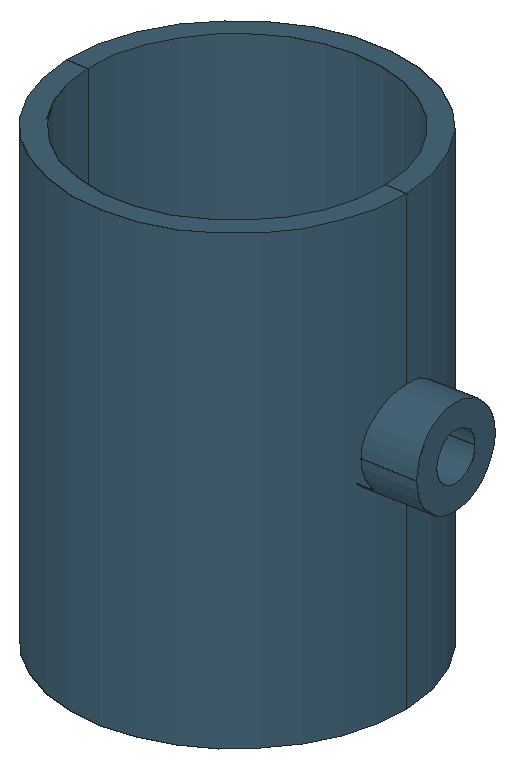
Revit family "Trap-Primer_Connection Adapter_Zurn_Z1023", category Plumbing Fixtures, Revit 2022
Family settings
  Round Connector Dimension = Use Radius
  Part Type = Normal
  OmniClass Number = 23.45.05.14
  OmniClass Title = Plumbing Fixtures - Sanitary Washing Units
  Work Plane-Based = No
  Always vertical = Yes
  Cut with Voids When Loaded = No
  Maintain Annotation Orientation = No
  Shared = No
  Room Calculation Point = No
Parameters (values of type "Z1023_3Inch_No-Hub x No-Hub")
  Waste Connection = 1 = 0  # no
  WFU = 0  # constant formula
  Vent Connection = 1 = 0  # no
  URL = "www.zurn.com"
  Product data url = "https://www.bimobject.com/en-in/zurnindustries/product/zurn-z1023"
  Product Page URL = "https://www.zurn.com/search?q=z1023"
  Product Documentation Link = "https://files.zurn.com/spec-sheets/z1023.pdf"
  Pipe Size_A Outer Diameter = 3.500"
  Pipe Size_A Nominal Diameter = 3.000"
  Pipe Size_A Inside Diameter = 3.068"
  Modified Date = "01/27/2026"  # constant formula
  Model = "Z1023"  # constant formula
  Manufacurer Brand = "Zurn"  # constant formula
  Manufacturer = "Zurn Water, LLC"  # constant formula
  Main Material = Iron - Zurn - Cast - Painted - Blue
  HWFU = 0  # constant formula
  HW Connection = 1 = 0  # no
  DIM_E = 2.500"
  Description = "TRAP PRIMER CONNECTION ADAPTER"  # constant formula
  Default Elevation = 20.000"  # constant formula
  Date Created = "01/27/2026"  # constant formula
  DIM_B = 0.500"
  Connector Radius_B = DIM_B / 2  # 0.250"
  Connector Radius = Pipe Size_A Nominal Diameter / 2  # 1.500"
  CWFU = 1  # constant formula
  CW Connection = 1 = 1  # yes
  Body Height = 4.750"
  Assembly Code = "D2020100"
  Approx. Weight (Lbs) = 4.000"
Types (7): name | Pipe Size_A Outer Diameter | Pipe Size_A Nominal Diameter | Pipe Size_A Inside Diameter | Connector Radius | Approx. Weight (Lbs)
  (no name) | 3.500" | 3.000" | 3.068" | 1.500" | 4.000"
  Z1023_2Inch_No-Hub x No-Hub | 2.375" | 2.000" | 2.067" | 1.000" | 2.000"
  Z1023_3Inch_No-Hub x No-Hub | 3.500" | 3.000" | 3.068" | 1.500" | 4.000"
  Z1023_4Inch_No-Hub x No-Hub | 4.500" | 4.000" | 4.026" | 2.000" | 6.000"
  Z1023_2Inch_Threaded x No-Hub | 2.375" | 2.000" | 2.067" | 1.000" | 2.000"
  Z1023_3Inch_Threaded x No-Hub | 3.500" | 3.000" | 3.068" | 1.500" | 4.000"
  Z1023_4Inch_Threaded x No-Hub | 4.500" | 4.000" | 4.026" | 2.000" | 6.000"
Reference planes (in)
  plane 1 "Center (Front/Back)": y = 0
  plane 2: z = 0
  plane 3 "Center (Left/Right)": x = 0
  plane 4: x = 1.75
  plane 5: x = -1.75
  plane 6: x = 1.534
  plane 7: x = -1.534
  plane 8 "Top of Adapter": z = 4.75
  plane 9: z = 2.5
  plane 10 "Right end plane": x = 2.25
  plane 11: x = -1.5
  plane 12: x = 1.5
  plane 13: y = 1.5
  plane 14: y = -1.5
  plane 15: y = -0.25
  plane 16: y = 0.25
  plane 17: z = 2.75
  plane 18: z = 2.25
  plane 19: z = 3
  plane 20: z = 2
  plane 21: y = -0.5
  plane 22: y = 0.5
Forms (in)
  Revolve 1, solid, material "Iron - Zurn - Cast - Painted - Blue" <- "Main Material", detail levels fine
    sketch origin (-0.52648, 0, -0.633) x (1, 0, 0) y (0, 0, 1)
      loop
        line (0.52648, 5.383) -> (0.52648, 0.633) -> (2.27648, 0.633) -> (2.27648, 5.383) -> (0.52648, 5.383)
      axis (0.52648, 5.383) -> (0.52648, 0.633)
    angle from 0 to 360
  Extrusion 2, solid, material "Iron - Zurn - Cast - Painted - Blue" <- "Main Material", detail levels coarse+fine
    sketch origin (0, 0.03434, -0.49214) x (0, 1, 0) y (0, 0, 1)
      loop
        circle (-0.03434, 2.99214) r 0.5
    from 0 to 2.25
  Extrusion 3, void
    sketch origin (0, 0, 0) x (0, 1, 0) y (0, 0, 1)
      loop
        circle (0, 2.5) r 0.25
    from 0 to 2.25
  Extrusion 4, void
    sketch origin (0, 0, 0) x (1, 0, 0) y (0, 1, 0)
      loop
        circle (0, 0) r 1.534
    from 0 to 4.75
Cuts and joins
  Extrusion 3, Extrusion 4 cuts Revolve 1
  Extrusion 3, Extrusion 4 cuts Extrusion 2
Lines and regions (in)
  Masking region 1, detail levels fine
    outline origin (0, 0, 0) x (1, 0, 0) y (0, 1, 0)
      loop
        arc (1.67705, 0.5) -> (-1.75, 0) -> (1.67705, -0.5) r 1.75
        line (1.67705, -0.5) -> (2.25, -0.5) -> (2.25, 0.5) -> (1.67705, 0.5)
  model lines, detail levels coarse+medium
    curve 1: line (0, 0, 4.75) -> (0, 0, 0)
    curve 2: line (-1.5, 0, 4.75) -> (1.5, 0, 4.75)
    curve 3: line (0, 1.5, 4.75) -> (0, -1.5, 4.75)
    curve 4: line (0, 1.5, 0) -> (0, -1.5, 0)
    curve 5: line (-1.5, 0, 0) -> (1.5, 0, 0)
    curve 6: line (0, 0, 2.5) -> (2.25, 0, 2.5)
    curve 7: line (2.25, 0, 2.75) -> (2.25, 0, 2.25)
    curve 8: line (2.25, -0.25, 2.5) -> (2.25, 0.25, 2.5)
Dimensions and locks (in)
  locked: plane 10 "Right end plane" to plane 4 at 0.5
  "Body Height": plane 8 "Top of Adapter" to level
  equal spacing: plane 4, plane 3 "Center (Left/Right)", plane 5
  "Pipe Size_A Outer Diameter": plane 4 to plane 5
  equal spacing: plane 6, plane 3 "Center (Left/Right)", plane 7
  "Pipe Size_A Inside Diameter": plane 6 to plane 7
  equal spacing: plane 12, plane 3 "Center (Left/Right)", plane 11
  "Pipe Size_A Nominal Diameter": plane 12 to plane 11
  "DIM_E": plane 9 to level
  equal spacing: plane 13, plane 1 "Center (Front/Back)", plane 14
  "Pipe Size_A Nominal Diameter": plane 13 to plane 14
  equal spacing: plane 15, plane 1 "Center (Front/Back)", plane 16
  "DIM_B": plane 15 to plane 16
  equal spacing: plane 17, plane 9, plane 18
  "DIM_B": plane 17 to plane 18
  equal spacing: plane 21, plane 1 "Center (Front/Back)", plane 22, locked at 0.5 each
  locked: plane 21 to plane 22 at 1
  "Pipe Size_A Inside Diameter": diameter of Extrusion 4 sketch curve
  "Pipe Size_A Outer Diameter": diameter of Masking region 1 sketch curve
  aligned and locked: plane 2 to level
  aligned and locked: Revolve 1 sketch curve to plane 4
  aligned and locked: Revolve 1 sketch curve to plane 3 "Center (Left/Right)"
  aligned and locked: Revolve 1 sketch curve to Revolve 1 sketch curve
  aligned and locked: plane 10 "Right end plane" to Extrusion 2
  aligned and locked: Extrusion 2 to plane 3 "Center (Left/Right)"
  aligned and locked: plane 9 to Extrusion 2 sketch curve
  aligned and locked: plane 1 "Center (Front/Back)" to Extrusion 2 sketch curve
  aligned and locked: Extrusion 3 to plane 3 "Center (Left/Right)"
  aligned and locked: plane 10 "Right end plane" to Extrusion 3
  aligned and locked: curve 1 to plane 3 "Center (Left/Right)"
  aligned and locked: plane 8 "Top of Adapter" to curve 1
  aligned and locked: level to curve 1
  aligned and locked: plane 11 to curve 2
  aligned and locked: plane 1 "Center (Front/Back)" to curve 2
  aligned and locked: plane 13 to curve 3
  aligned and locked: curve 3 to plane 3 "Center (Left/Right)"
  aligned and locked: plane 11 to curve 5
  aligned and locked: plane 1 "Center (Front/Back)" to curve 5
  aligned and locked: curve 4 to plane 3 "Center (Left/Right)"
  aligned and locked: plane 3 "Center (Left/Right)" to curve 6
  aligned and locked: plane 10 "Right end plane" to curve 6
  aligned and locked: curve 6 to plane 9
  aligned and locked: plane 1 "Center (Front/Back)" to curve 7
  aligned and locked: plane 16 to curve 8
  aligned and locked: curve 8 to plane 9
  aligned and locked: level to cut or joined group of Revolve 1, Extrusion 3, Extrusion 4  (x2)
  aligned and locked: plane 8 "Top of Adapter" to cut or joined group of Revolve 1, Extrusion 3, Extrusion 4  (x2)
  aligned and locked: plane 10 "Right end plane" to cut or joined group of Extrusion 2, Extrusion 3, Extrusion 4
  aligned and locked: Masking region 1 to plane 22
  aligned and locked: plane 21 to Masking region 1
  aligned and locked: plane 10 "Right end plane" to Masking region 1
  aligned and locked: plane 8 "Top of Adapter" to Extrusion 4
Automatic sketch dimensions
  Revolve 1 sketch curve to plane 9 = 2.500"
  Revolve 1 sketch curve to plane 8 "Top of Adapter" = 0.000"
  Revolve 1 sketch curve to level = 24.633"
  Revolve 1 sketch curve to Revolve 1 sketch curve = 94.23157"
  Extrusion 3 sketch curve to plane 1 "Center (Front/Back)" = 0.000"
  Extrusion 3 sketch curve to plane 9 = 0.000"
  plane 1 "Center (Front/Back)" to Extrusion 4 sketch curve = 0.000"
  Extrusion 4 sketch curve to plane 3 "Center (Left/Right)" = 0.000"
  curve 2 to plane 12 = 0.000"
  curve 3 to plane 14 = 0.000"
  curve 7 to plane 18 = 0.000"
  curve 7 to plane 17 = 0.000"
  curve 8 to plane 15 = 0.000"
  curve 5 to plane 12 = 0.000"
  curve 4 to plane 14 = 0.000"
  curve 4 to plane 13 = 0.000"
  plane 1 "Center (Front/Back)" to Masking region 1 sketch curve = 0.000"
  Masking region 1 sketch curve to plane 3 "Center (Left/Right)" = 0.000"
  plane 22 to Masking region 1 sketch curve = 0.000"
  plane 21 to Masking region 1 sketch curve = 0.000"
  Masking region 1 sketch curve to plane 10 "Right end plane" = 0.000"
  radius of Extrusion 2 sketch curve = 0.500"
  radius of Extrusion 3 sketch curve = 0.250"
Connectors (in)
  piping at (0, 0, 4.75), diameter 3, driven by "Connector Radius", driven by "CW Connection"
    settings: on cut or joined group of Revolve 1, Extrusion 3, Extrusion 4, index 1, connector inside diameter 24", connector length 0.000", flow factor 0, pipe flow 0 GPM, pressure drop 0.00 psi, fitting loss kfactor 0, connector angle 0.00°, fixture units 0, engagement length 0.000", angle of deflection 0.00°, flow configuration 0, flow direction 1, fitting loss method 0, system type 20, joint type 0, gender type 0, connector reference index -1, connector utility 1, adjustable connector no, is connector primary yes, connector description "Inlet Connection"
  piping at (0, 0, 0), diameter 3, driven by "Connector Radius", driven by "CW Connection"
    settings: on cut or joined group of Revolve 1, Extrusion 3, Extrusion 4, index 2, connector inside diameter 24", connector length 0.000", flow factor 0, pipe flow 0 GPM, pressure drop 0.00 psi, fitting loss kfactor 0, connector angle 0.00°, fixture units 0, engagement length 0.000", angle of deflection 0.00°, flow configuration 0, flow direction 2, fitting loss method 0, system type 20, joint type 0, gender type 0, connector reference index -1, connector utility 1, adjustable connector no, is connector primary no, connector description "Outlet Connection"
  piping at (2.25, 0, 2.5), diameter 0.5, driven by "Connector Radius_B", driven by "CW Connection"
    settings: on cut or joined group of Extrusion 2, Extrusion 3, Extrusion 4, index 3, connector inside diameter 24", connector length 0.000", flow factor 0, pipe flow 0 GPM, pressure drop 0.00 psi, fitting loss kfactor 0, connector angle 0.00°, fixture units 0, engagement length 0.000", angle of deflection 0.00°, flow configuration 0, flow direction 1, fitting loss method 0, system type 20, joint type 0, gender type 0, connector reference index -1, connector utility 1, adjustable connector no, is connector primary no, connector description "Side Inlet"
